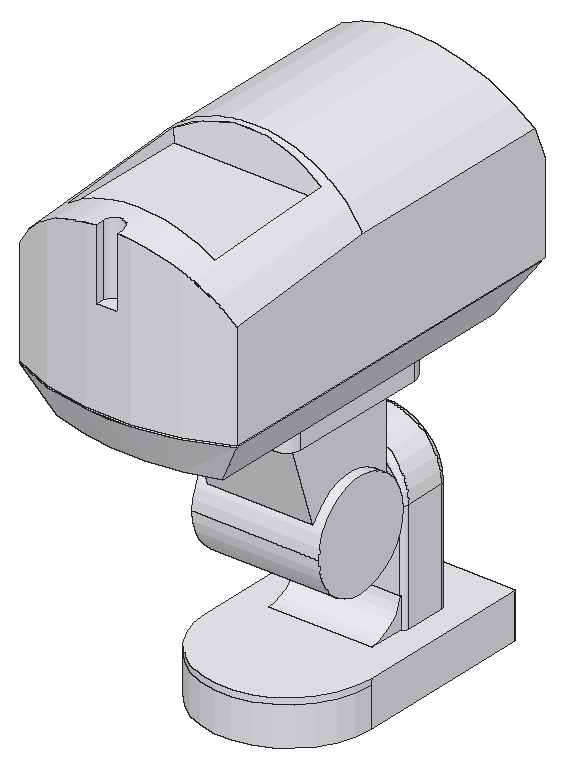
Revit family "STS-125 Извещатель охранный_RV17_LOD400", category Датчики, Revit 2017
Family settings
  Сохранять ориентацию аннотаций = Нет
  Размер круглого соединителя = Использовать диаметр
  Тип детали = Нормальный
  На основе рабочей плоскости = Нет
  Всегда вертикально = Нет
  При загрузке вырезать с полостями = Нет
  Общий = Нет
  Точка расчета площади = Нет
Parameters (values of type "STS-125 Извещатель охранный")
  угол поворота [instance] = 0.00°
  Ток, потребляемый в дежурном состоянии и режиме «Тревога», при номинальном напряжении, не более, мА = 20
  Смещение_УГО_Y [instance] = 0 mm
  Смещение_УГО_X [instance] = 0 mm
  Режим работы = "непрерывный"
  Раздел проекта [instance] = ""
  Раздел Спецификации [instance] = ""
  Помехоустойчивость изделия от электроосветительных приборов, питающихся от сети переменного тока, не менее, лк = 2000
  Помехоустойчивость изделия от солнца и источников освещения, питающихся от источников постоянного тока, не менее, лк = 30000
  Поворот извещателя по вертикали/горизонтали, не менее, град. = "±15/±90"
  Наработка на ложное срабатывание не менее, ч = 1200
  Напряжение электропитания постоянного тока, В = "8-30"
  Максимальная дальность обнаружения при угле обзора в горизонтальной плоскости 90°, не менее, м = 12
  Информационный выход = "релейный, RS-485"
  Информативность извещателя по шлейфу = 5
  Информативность извещателя по шине RS-485 = 8
  Защита от попадания внутрь твердых тел (пыли) и воды = "IP 54"
  Длительность сообщения, с = 2
  Диапазон рабочих температур, °С = "от –40 до +50"
  Диапазон обнаруживаемых скоростей нарушителя, м/с = "от 0,3 до 3,0"
  Выдача тревожного извещения при вскрытии корпуса = "да"
  Время технической готовности, не более, с = 30
  Время восстановления дежурного режима после выдачи тревожного извещения, не более, с = 10
  Вероятность обнаружения нарушителя, не менее = 0.98
  В_Смещение_УГО_Y [instance] = Смещение_УГО_Y + 2000 mm  # 2000 mm
  В_Смещение_УГО_X [instance] = Смещение_УГО_X + 2000 mm  # 2000 mm
  d_короба = 20 mm
  ADSK_Размер_Ширина = 75 mm
  ADSK_Размер_Длина = 155 mm
  ADSK_Размер_Высота = 145 mm
  ADSK_Примечание = ""
  ADSK_Наименование = "Извещатель охранный STS-125"
  ADSK_Масса = 0.5
  ADSK_Марка = "СТВФ.426479.046"
  ADSK_Количество = 1
  ADSK_Завод-изготовитель = "ООО «Основа Безопасности»"  # constant formula
  ADSK_Единица измерения = "шт."  # constant formula
  ADSK_URL страницы изделия = "https://stilsoft.ru/products/sts-125"
  ADSK_URL документации изделия = ""
Reference planes
  plane 1 "По центру (Вперед/Назад)": y = 0
  plane 2: z = 0
  plane 3 "По центру (Влево/Вправо)": x = 0
  plane 4: y = 2000
  plane 5: x = -2000
  plane 6: x = 0
  plane 7: y = 0
  plane 8: z = 52
  plane 9: z = 46.934
Forms (mm)
  Extrusion 1, solid, material "По умолчанию", detail levels medium+fine
    sketch origin (0, 0, 0) x (1, 0, 0) y (0, 1, 0)
      loop
        arc (-26.947, 30) -> (-27.338, 29.838) -> (-27.5, 29.447) r 0.553
        line (-27.5, 29.447) -> (-27.5, -30)
        arc (-27.5, -30) -> (0, -57.5) -> (27.5, -30) r 27.5
        line (27.5, -30) -> (27.5, 29.447)
        arc (27.5, 29.447) -> (27.338, 29.838) -> (26.947, 30) r 0.553
        line (26.947, 30) -> (-26.947, 30)
      loop
        line (-24.5, 27) -> (-24.5, -30)
        arc (-24.5, -30) -> (0, -54.5) -> (24.5, -30) r 24.5
        line (24.5, -30) -> (24.5, 27) -> (-24.5, 27)
    from 0 to 13
  Extrusion 2, solid, material "По умолчанию", detail levels medium+fine
    sketch origin (0, 0, 0) x (1, 0, 0) y (0, 1, 0)
      loop
        arc (-26.947, 30) -> (-27.338, 29.838) -> (-27.5, 29.447) r 0.553
        line (-27.5, 29.447) -> (-27.5, -30)
        arc (-27.5, -30) -> (0, -57.5) -> (27.5, -30) r 27.5
        line (27.5, -30) -> (27.5, 29.447)
        arc (27.5, 29.447) -> (27.338, 29.838) -> (26.947, 30) r 0.553
        line (26.947, 30) -> (-26.947, 30)
    from 13 to 15
  Extrusion 3, solid, material "По умолчанию", detail levels medium+fine
    sketch origin (0, 0, 0) x (1, 0, 0) y (0, 1, 0)
      loop
        arc (-16.851, 12) -> (-18.017, 11.517) -> (-18.5, 10.351) r 1.649
        line (-18.5, 10.351) -> (-18.5, -3.351)
        arc (-18.5, -3.351) -> (-18.017, -4.517) -> (-16.851, -5) r 1.649
        line (-16.851, -5) -> (16.851, -5)
        arc (16.851, -5) -> (18.017, -4.517) -> (18.5, -3.351) r 1.649
        line (18.5, -3.351) -> (18.5, 10.351)
        arc (18.5, 10.351) -> (18.017, 11.517) -> (16.851, 12) r 1.649
        line (16.851, 12) -> (-16.851, 12)
    from 15 to 52
  Revolve 4, solid, material "По умолчанию", detail levels medium+fine
    sketch origin (0, 0, 52) x (1, 0, 0) y (0, 1, 0)
      loop
        arc (-16.851, 12) -> (-18.017, 11.517) -> (-18.5, 10.351) r 1.649
        line (-18.5, 10.351) -> (-18.5, -3.351)
        arc (-18.5, -3.351) -> (-18.017, -4.517) -> (-16.851, -5) r 1.649
        line (-16.851, -5) -> (0, -5) -> (0, 12) -> (-16.851, 12)
      axis (0, 12) -> (0, -5)
    angle from 180 to 360
  Extrusion 5, solid, material "По умолчанию", detail levels medium+fine
    sketch origin (0, 0, 0) x (0, 1, 0) y (0, 0, 1)
      loop
        line (-5, 15) -> (-5, 25)
        arc (-5, 25) -> (-9.19, 17.828) -> (-17, 15) r 12.2
        line (-17, 15) -> (-5, 15)
    from -17.055 to 17.132
  Extrusion 6, solid, material "По умолчанию", detail levels medium+fine
    sketch origin (0, 0, 0) x (1, 0, 0) y (0, 0, 1)
      loop
        circle (0, 52) r 15
    from 5 to 20.594
Cuts and joins
  joined: Extrusion 1, Extrusion 2
Lines and regions (mm)
  reference lines
    curve 1: line (0, 0, 52) -> (0, -60, 52)
Dimensions and locks
  locked: plane 4 to plane 1 "По центру (Вперед/Назад)" at 2000
  locked: plane 5 to plane 3 "По центру (Влево/Вправо)" at 2000
  "В_Смещение_УГО_X": plane 5 to plane 6
  "В_Смещение_УГО_Y": plane 4 to plane 7
  locked: plane 8 to plane 9 at 5.066
  "угол поворота": angle plane 9 to curve 1
  aligned and locked: level to plane 2
  aligned and locked: plane 8 to curve 1
  aligned and locked: plane 1 "По центру (Вперед/Назад)" to curve 1
  aligned and locked: nested 1 to curve 1
Automatic sketch dimensions
  Extrusion 1 sketch curve to Extrusion 1 sketch curve = 0 mm  (x2)
  Extrusion 1 sketch curve to plane 3 "По центру (Влево/Вправо)" = 0 mm
  Extrusion 1 sketch curve to Extrusion 1 sketch curve = 0.553 mm  (x2)
  Extrusion 1 sketch curve to Extrusion 1 sketch curve = 3 mm
  Extrusion 2 sketch curve to plane 3 "По центру (Влево/Вправо)" = 0 mm
  Extrusion 2 sketch curve to Extrusion 2 sketch curve = 0.553 mm  (x2)
  Extrusion 3 sketch curve to Extrusion 3 sketch curve = 1.649 mm  (x2)
  Revolve 4 sketch curve to plane 3 "По центру (Влево/Вправо)" = 0 mm  (x2)
  Revolve 4 sketch curve to Revolve 4 sketch curve = 1.649 mm
  level to Extrusion 5 sketch curve = 15 mm
  Extrusion 5 sketch curve to Extrusion 5 sketch curve = 12.2 mm
  Extrusion 6 sketch curve to plane 3 "По центру (Влево/Вправо)" = 0 mm
  level to Extrusion 6 sketch curve = 52 mm
  plane 3 "По центру (Влево/Вправо)" to Extrusion 3 sketch curve = 16.851 mm
  Extrusion 3 sketch curve to Extrusion 3 sketch curve = 0 mm  (x2)
  Extrusion 1 sketch curve to plane 3 "По центру (Влево/Вправо)" = 24.5 mm
  Extrusion 2 sketch curve to plane 3 "По центру (Влево/Вправо)" = 26.947 mm
  Extrusion 3 sketch curve to plane 3 "По центру (Влево/Вправо)" = 16.851 mm
  Revolve 4 sketch curve to plane 3 "По центру (Влево/Вправо)" = 16.851 mm
  plane 1 "По центру (Вперед/Назад)" to Extrusion 1 sketch curve = 30 mm
  plane 1 "По центру (Вперед/Назад)" to Extrusion 2 sketch curve = 30 mm
  plane 1 "По центру (Вперед/Назад)" to Extrusion 3 sketch curve = 3.351 mm
  Revolve 4 sketch curve to Revolve 4 sketch curve = 0 mm  (x3)
  plane 1 "По центру (Вперед/Назад)" to Revolve 4 sketch curve = 3.351 mm
  plane 1 "По центру (Вперед/Назад)" to Extrusion 5 sketch curve = 17 mm
  plane 1 "По центру (Вперед/Назад)" to Extrusion 5 sketch curve = 5 mm
  Extrusion 1 sketch curve to plane 1 "По центру (Вперед/Назад)" = 27 mm
  Extrusion 1 sketch curve to Extrusion 1 sketch curve = 2.447 mm
  Extrusion 2 sketch curve to plane 1 "По центру (Вперед/Назад)" = 29.447 mm
  Extrusion 3 sketch curve to plane 1 "По центру (Вперед/Назад)" = 10.351 mm
  Revolve 4 sketch curve to plane 1 "По центру (Вперед/Назад)" = 10.351 mm
  radius of Extrusion 6 sketch curve = 15 mm
Nested families
  nested 1: "125" at (0, -26.439, 36.485) x (0, -1, 0) z (0, 0, 1), type "125", detail levels medium+fine
Connectors
  electrical at (0, -1.5, 0)
    settings: on cut or joined group of Extrusion 1, Extrusion 2, index 1, voltage 0 V, apparent load 0 VA, apparent load phase1 0 VA, apparent load phase2 0 VA, apparent load phase3 0 VA, power factor 1, load classification "Прочее", number of poles 1, system type 31, power factor state 1, is connector primary yes, connector utility no, sub classification motor no, connector description ""
  cabletrayconduit at (0, -1.5, 0), diameter 20, driven by "d_короба"
    settings: on cut or joined group of Extrusion 1, Extrusion 2, index 2, connector width 300 mm, connector height 300 mm, connector angle 0.00°, system type 32, placement type 0, profile type 0, connector reference index -1, is primary connector yes, connector utility param no, connector description ""
Definition of nested family "125"
  Parameters (values of type "125")
    Default Elevation = 1219.2 mm
  Reference planes
    plane 1 "По центру (Вперед/Назад)": y = 0
    plane 2: z = 0
    plane 3 "По центру (Влево/Вправо)": x = 0
  Forms (mm)
    Extrusion 1, solid
      sketch origin (0, 0, 0) x (1, 0, 0) y (0, 0, 1)
        loop
          circle (0, 17.5) r 17.5
      from -21 to 21
    Blend 2, solid
      base sketch origin (0, 0, 0) x (1, 0, 0) y (0, 1, 0)
        loop
          line (-15, 0) -> (-15, -17.5) -> (15, -17.5) -> (15, 17.5) -> (-15, 17.5) -> (-15, 0)
      top sketch origin (0, 0, 0) x (1, 0, 0) y (0, 1, 0)
        loop
          line (-15, 17.5) -> (-15, -17.5) -> (25, -17.5) -> (25, 17.5) -> (-15, 17.5)
      from 25 to 55
    Extrusion 3, solid
      sketch origin (0, 0, 0) x (1, 0, 0) y (0, 1, 0)
        loop
          arc (-20.421, 22.5) -> (-23.957, 21.036) -> (-25.421, 17.5) r 5
          line (-25.421, 17.5) -> (-25.421, -17.5)
          arc (-25.421, -17.5) -> (-23.957, -21.036) -> (-20.421, -22.5) r 5
          line (-20.421, -22.5) -> (26.579, -22.5)
          arc (26.579, -22.5) -> (30.114, -21.036) -> (31.579, -17.5) r 5
          line (31.579, -17.5) -> (31.579, 17.5)
          arc (31.579, 17.5) -> (30.114, 21.036) -> (26.579, 22.5) r 5
          line (26.579, 22.5) -> (-20.421, 22.5)
      from 55 to 65
    Blend 4, solid
      base sketch origin (0, 0, 0) x (1, 0, 0) y (0, 1, 0)
        loop
          line (-47.032, 27.5) -> (-47.032, -27.5) -> (65.468, -27.5)
          arc (65.468, -27.5) -> (70.468, 0) -> (65.468, 27.5) r 78.125
          line (65.468, 27.5) -> (-47.032, 27.5)
      top sketch origin (0, 0, 0) x (1, 0, 0) y (0, 1, 0)
        loop
          line (-55.863, 36) -> (-55.863, -36) -> (70.348, -36)
          arc (70.348, -36) -> (79.137, 0) -> (70.348, 36) r 78.125
          line (70.348, 36) -> (-55.863, 36)
      from 65 to 79.5
    Extrusion 5, solid
      sketch origin (0, 0, 0) x (1, 0, 0) y (0, 1, 0)
        loop
          line (70.348, 36) -> (-57.712, 36) -> (-57.712, -36) -> (70.348, -36)
          arc (70.348, -36) -> (79.137, 0) -> (70.348, 36) r 78.125
      from 80 to 140
    Extrusion 6, void
      sketch origin (0, 0, 0) x (0, 1, 0) y (0, 0, 1)
        loop
          arc (-36, 120) -> (0, 140) -> (36, 120) r 42.4
          line (36, 120) -> (37, 120) -> (37, 142) -> (-37, 142) -> (-37, 120) -> (-36, 120)
      from 17.7 to -57.712
    Blend 7, void
      base sketch origin (0, 0, 0) x (0, 1, 0) y (0, 0, 1)
        loop
          line (36, 120) -> (38.06, 120) -> (38.06, 142.67) -> (-36.94, 142.67) -> (-36.94, 120) -> (-36, 120)
          arc (-36, 120) -> (0, 140) -> (36, 120) r 42.4
      top sketch origin (0, 0, 0) x (0, 1, 0) y (0, 0, 1)
        loop
          line (36, 114.471) -> (38.06, 114.471) -> (38.06, 142.67) -> (-38.899, 142.67) -> (-38.899, 114.471) -> (-36, 114.471)
          arc (-36, 114.471) -> (0, 135.81) -> (36, 114.471) r 41.036
      from 17.7 to 79.787
    Extrusion 8, void
      sketch origin (0, 0, 0) x (1, 0, 0) y (0, 0, 1)
        loop
          line (-45.472, 141.626) -> (-64.763, 141.626) -> (-64.763, 104.396) -> (-59.763, 104.396) -> (-45.472, 141.626)
      from -36 to 36
    Blend 9, void
      base sketch origin (0, 0, 0) x (1, 0, 0) y (0, 1, 0)
        loop
          line (21.606, 24.378) -> (21.606, -23.931) -> (64.915, -23.931) -> (64.915, 24.378) -> (21.606, 24.378)
      top sketch origin (0, 0, 0) x (1, 0, 0) y (0, 1, 0)
        loop
          line (19.606, -25.931) -> (66.915, -25.931) -> (66.915, 26.378) -> (19.606, 26.378) -> (19.606, -25.931)
      from 127.984 to 141.203
    Extrusion 10, void
      sketch origin (0, 0, 0) x (1, 0, 0) y (0, 1, 0)
        loop
          line (81.579, -3.5) -> (81.579, 3.5) -> (76.579, 3.5)
          arc (76.579, 3.5) -> (73.079, 0) -> (76.579, -3.5) r 3.5
          line (76.579, -3.5) -> (81.579, -3.5)
      from 112.324 to 138.18
  Cuts and joins
    Extrusion 6, Blend 7, Extrusion 8, Blend 9, Extrusion 10 cuts Extrusion 5
    Blend 9 cuts Blend 2
    joined: Extrusion 1, Blend 2
    Blend 9 cuts Extrusion 3
  Dimensions and locks
    aligned and locked: level to plane 2
